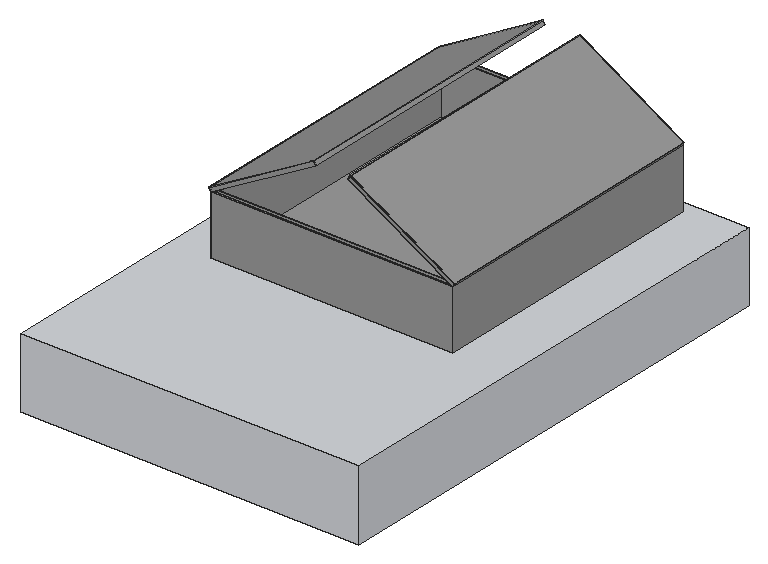
Revit family "Hager-Univers-IP55-D275-H1250-Cl.II-Steel_encl-FR-fr", category Equipement électrique, Revit 2020
Family settings
  Hôte = Face
  Configuration du panneau = Deux colonnes, circuits au sein
  Cote de connecteur circulaire = Utiliser le diamètre
  Type d'élément = Tableau de raccordement
  Couper avec des vides une fois chargée = Non
  Partagée = Non
  Point de calcul de pièce = Non
Parameters (values of type "saillie IP55 L1050 H1250 P275  - FR84S")
  Width Control [instance] = if([EF000008 - largeur] > Min Width, [EF000008 - largeur], Min Width)  # 1050 mm
  Commentaires du type = [HG000003 - Gamme]  # "Univers"
  Thickness Door [instance] = if([EF009171 - épaisseur de matériau de la porte/du couvercle] > 3 mm, 3 mm, [EF009171 - épaisseur de matériau de la porte/du couvercle])  # 1.5 mm
  Seal Frame Offset [instance] = 17 mm  # constant formula
  Plinth Visibility [instance] = [HG000027 - Hauteur du socle] > 0 mm  # no
  Model = ""
  Min Width [instance] = 100 mm  # constant formula
  Min Height [instance] = 100 mm  # constant formula
  Min Depth [instance] = (2 * [EF009170 - épaisseur de matériau du boîtier]) + 1 mm  # 4 mm
  Internal Frame Depth [instance] = (Door System Depth * 0.5)  # 9 mm
  Height Control [instance] = if([EF000040 - hauteur] > Min Height, [EF000040 - hauteur], Min Height)  # 1250 mm
  HG000027 - Hauteur du socle = 0 mm
  HG000026 - Installation au sol = no
  HG000024 - Hauteur de la section basse = 800 mm
  HG000023 - Armoire double section = no
  HG000016 - Visibilité de la porte 3D [instance] = yes
  HG000015 - Visibilité de l'emprise de la porte [instance] = no
  HG000014 - Porte à droite [instance] = yes
  HG000013 - Porte à gauche [instance] = not([HG000014 - Porte à droite])  # no
  HG000012 - Angle de pivotement de la porte [instance] = 30.00°
  HG000010 - Portes asymétriques = no
  HG000009 - Porte à double battant = yes
  HG000006 - Encastré = no
  HG000004 - Référence fabricant = "FR84S"
  HG000003 - Gamme = "Univers"
  HG000002 - avec porte = yes
  Frame Offset Bottom [instance] = 10 mm  # constant formula
  Frame Offset [instance] = 15 mm  # constant formula
  EF015940 - couvercle avec décharge de pression = no
  EF011959 - degré de protection (NEMA) = ""
  EF009554 - nombre d'ouvertures pour plaques à bride = 8
  Fabricant = "Hager"  # constant formula
  EF009212 - finition du couvercle = "EV000116 - fermé"
  EF009171 - épaisseur de matériau de la porte/du couvercle = 1.5 mm
  EF009170 - épaisseur de matériau du boîtier = 1.5 mm
  EF008873 - courant nominal (In) = 800 A
  EF007800 - adapté à un parafoudre = no
  EF006306 - avec serrure = no
  EF006244 - couvercle/porte transparent(e) = no
  EF005474 - indice de protection (IP) = "EV006420 - IP55"
  EF004464 - type de porte = "EV003602 - double"
  EF004427 - nombre de modules = 384
  EF004293 - indice de protection contre les chocs (IK) = "EV008784 - IK10"
  EF003532 - convient pour utilisation à l’extérieur = no
  EF002950 - largeur en nombre de modules = 24
  EF001613 - maintien de fonction = "EV000494 - sans"
  EF001596 - matériau du boîtier/corps = "EV000179 - acier"
  EF001131 - profondeur intérieure = 275 mm
  EF001088 - possibilité de montage en saillie = yes
  EF000437 - nombre d'entrées de conduit = 8
  EF000339 - type de capot = "EV004216 - porte"
  EF000266 - nombre de rangées = 8
  EF000218 - profondeur d'encastrement = 0 mm
  EF000118 - avec cadre/support de montage = no
  EF000116 - numéro RAL = "7035"
  EF000049 - profondeur = 275 mm
  EF000040 - hauteur = 1250 mm
  EF000008 - largeur = 1050 mm
  EF000007 - couleur = "EV000270 - gris"
  EF000003 - mode de pose = "EV000384 - saillie"
  Door System Leaf Tolerance [instance] = 1.5 mm  # constant formula
  Door System Depth [instance] = 18 mm  # constant formula
  Door Height [instance] = Height Control - [HG000027 - Hauteur du socle]  # 1250 mm
  Depth Control [instance] = if([EF000049 - profondeur] > Min Depth, [EF000049 - profondeur], Min Depth)  # 275 mm
  Default Elevation = 0 mm
  Connector Offset [instance] = Height Control / 2  # 625 mm
  Bottom Top Plate Trim [instance] = 1.5 mm  # constant formula
  Plinth height Ctrl [instance] = if([HG000027 - Hauteur du socle] > 0 mm, [HG000027 - Hauteur du socle], 12 mm)  # 12 mm
Reference planes
  plane 1 "Center (Front/Back)": y = 0
  plane 2: z = 0
  plane 3 "Center (Left/Right)": x = 0
  plane 4: z = 275
  plane 5: y = 1.5
  plane 6: y = 625
  plane 7: y = 0
  plane 8: y = 1250
  plane 9: z = 0
  plane 10: x = -510
  plane 11: x = 510
  plane 12: x = 508.5
  plane 13: x = -508.5
  plane 14: y = 1248.5
  plane 15: x = -508
  plane 16: x = -525
  plane 17: x = 508
  plane 18: x = 525
  plane 19: x = 523.5
  plane 20: x = -523.5
  plane 21: y = 11.5
  plane 22: y = 1250
  plane 23: y = 1233.5
  plane 24: z = 257
  plane 25: z = 1.5
  plane 26: z = 255.5
  plane 27: z = 273.5
Forms (mm)
  Extrusion 1, solid
    sketch origin (0, 0, 0) x (1, 0, 0) y (0, 1, 0)
      loop
        line (-702.964, 1305) -> (-702.964, -811.445) -> (766.763, -811.445) -> (766.763, 1305) -> (-702.964, 1305)
    from 0 to -304.8
  Extrusion 2, solid, material "Hager_Steel_RAL7035_Light_Grey", visible <- "Plinth Visibility", detail levels medium+fine
    sketch origin (0, 0, 0) x (1, 0, 0) y (0, 1, 0)
      loop
        line (-525, 0) -> (525, 0) -> (525, 12) -> (-525, 12) -> (-525, 0)
    from 0 to 257
  Extrusion 3, solid, material "Hager_Steel_RAL7035_Light_Grey", detail levels medium+fine
    sketch origin (0, 0, 0) x (1, 0, 0) y (0, 1, 0)
      loop
        line (-525, 0) -> (525, 0) -> (525, 1250) -> (-525, 1250) -> (-525, 0)
    from 0 to 257
  Extrusion 4, void
    sketch origin (0, 0, 0) x (1, 0, 0) y (0, 1, 0)
      loop
        line (-523.5, 1.5) -> (523.5, 1.5) -> (523.5, 1248.5) -> (-523.5, 1248.5) -> (-523.5, 1.5)
    from 1.5 to 255.5
  Extrusion 5, void
    sketch origin (-381.607, -4572, 257) x (0, -1, 0) y (-1, 0, 0)
      loop
        line (-4583.5, 126.893) -> (-5805.5, 126.893) -> (-5805.5, -890.107) -> (-4583.5, -890.107) -> (-4583.5, 126.893)
    from 0 to 1.5 <- "EF009170 - épaisseur de matériau du boîtier"
  Extrusion 6, solid, material "Hager_Steel_RAL7035_Light_Grey", detail levels fine
    sketch origin (0, 0, 257) x (1, 0, 0) y (0, 1, 0)
      loop
        line (-508.5, 1233.5) -> (-508.5, 11.5) -> (508.5, 11.5) -> (508.5, 1233.5) -> (-508.5, 1233.5)
      loop
        line (-510, 10) -> (510, 10) -> (510, 1235) -> (-510, 1235) -> (-510, 10)
    from 0 to 9 <- "Internal Frame Depth"
  Extrusion 7, solid, material "Hager_Steel_RAL7035_Light_Grey", detail levels coarse
    sketch origin (0, 0, 0) x (1, 0, 0) y (0, 1, 0)
      loop
        line (-525, 0) -> (525, 0) -> (525, 1250) -> (-525, 1250) -> (-525, 0)
    from 0 to 275
  Sweep 8, void
    path in 3D
      loop
        line (-525, 12, 0) -> (525, 12, 0) -> (525, 12, 257) -> (-525, 12, 257) -> (-525, 12, 0)
    profile origin (-525, 12, 128.5) x (-1, 0, 0) y (0, -1, 0)
      loop
        line (0, 0) -> (0, 1.5) -> (-1.5, 1.5)
        arc (-1.5, 1.5) -> (-1.061, 0.439) -> (0, 0) r 1.5
Cuts and joins
  Extrusion 4, Extrusion 5 cuts Extrusion 3
  Sweep 8 cuts Extrusion 2
Lines and regions (mm)
  Masking region 1
    outline origin (0, 0, 0) x (1, 0, 0) y (0, 0, 1)
      loop
        line (-525, 275) -> (-525, 0) -> (525, 0) -> (525, 275) -> (-525, 275)
  Masking region 2, detail levels medium+fine
    outline origin (0, 140, 0) x (0, 1, 0) y (0, 0, 1)
      loop
        line (-140, 0) -> (1110, 0) -> (1110, 257) -> (-140, 257) -> (-140, 0)
  Masking region 3, not visible, detail levels medium+fine
    outline origin (0, 297.922, 0) x (0, 1, 0) y (0, 0, 1)
      loop
        line (338.578, 0) -> (378.578, 0) -> (378.578, 263.5)
        arc (378.578, 263.5) -> (375.649, 270.571) -> (368.578, 273.5) r 10
        line (368.578, 273.5) -> (338.578, 273.5) -> (338.578, 0)
  Masking region 4, detail levels coarse
    outline origin (0, 0, 180) x (0, 1, 0) y (0, 0, 1)
      loop
        line (0, -180) -> (1250, -180) -> (1250, 95) -> (0, 95) -> (0, -180)
  Masking region 5, visible <- "Plinth Visibility", detail levels medium+fine
    outline origin (0, 52.24, 12.345) x (0, 0, -1) y (0, 1, 0)
      loop
        line (10.845, -40.24) -> (-243.155, -40.24)
        arc (-243.155, -40.24) -> (-243.594, -41.301) -> (-244.655, -41.74) r 1.5
        line (-244.655, -41.74) -> (-244.655, -52.24) -> (12.345, -52.24) -> (12.345, -41.74)
        arc (12.345, -41.74) -> (11.285, -41.301) -> (10.845, -40.24) r 1.5
  Masking region 6, detail levels medium+fine
    outline origin (-381.607, -4572, 257) x (-1, 0, 0) y (0, -1, 0)
      loop
        line (143.393, -5822) -> (143.393, -4572) -> (-906.607, -4572) -> (-906.607, -5822) -> (143.393, -5822)
  Masking region 7, visible <- "Plinth Visibility", detail levels medium+fine
    outline origin (-381.607, -4727, 257) x (-1, 0, 0) y (0, -1, 0)
      loop
        arc (141.893, -4739) -> (142.332, -4737.939) -> (143.393, -4737.5) r 1.5
        line (143.393, -4737.5) -> (143.393, -4727) -> (-906.607, -4727) -> (-906.607, -4737.5)
        arc (-906.607, -4737.5) -> (-905.546, -4737.939) -> (-905.107, -4739) r 1.5
        line (-905.107, -4739) -> (141.893, -4739)
  Masking region 8, detail levels coarse
    outline origin (-442.548, -4669.526, 257) x (-1, 0, 0) y (0, -1, 0)
      loop
        line (82.452, -5919.526) -> (82.452, -4669.526) -> (-967.548, -4669.526) -> (-967.548, -5919.526) -> (82.452, -5919.526)
  sketch lines
    curve 1: line (-525, 12, 257) -> (-525, 12, 0)
    curve 2: line (525, 12, 257) -> (-525, 12, 257)
    curve 3: line (525, 12, 257) -> (525, 12, 0)
    curve 4: line (-525, 12, 0) -> (525, 12, 0)
Dimensions and locks
  "Depth Control": plane 4 to Extrusion 1
  "HG000027 - Hauteur du socle": plane 1 "Center (Front/Back)" to plane 7
  "EF009170 - épaisseur de matériau du boîtier": plane 5 to plane 7
  locked: connector elem to plane 3 "Center (Left/Right)"
  equal spacing: plane 8, plane 6, plane 7
  locked: connector elem to plane 6
  "EF009170 - épaisseur de matériau du boîtier": plane 8 to plane 14
  "EF009170 - épaisseur de matériau du boîtier": plane 10 to plane 13
  "EF009170 - épaisseur de matériau du boîtier": plane 12 to plane 11
  "Frame Offset": plane 20 to plane 13
  "Frame Offset": plane 12 to plane 19
  "EF009170 - épaisseur de matériau du boîtier": plane 16 to plane 20
  "EF009170 - épaisseur de matériau du boîtier": plane 19 to plane 18
  "Seal Frame Offset": plane 16 to plane 15
  "Seal Frame Offset": plane 17 to plane 18
  "Frame Offset Bottom": plane 21 to plane 5
  "Frame Offset": plane 14 to plane 23
  equal spacing: plane 16, plane 3 "Center (Left/Right)", plane 18
  "Width Control": plane 16 to plane 18
  "EF009170 - épaisseur de matériau du boîtier": plane 4 to plane 27
  "EF009170 - épaisseur de matériau du boîtier": plane 24 to plane 26
  "EF009170 - épaisseur de matériau du boîtier": plane 25 to level
  "Door System Depth": plane 4 to plane 24
  "Height Control": plane 1 "Center (Front/Back)" to Extrusion 7 sketch curve
  "Height Control": Masking region 4 sketch curve to plane 1 "Center (Front/Back)"
  "Height Control": plane 1 "Center (Front/Back)" to plane 22
  "Bottom Top Plate Trim": profile plane to Sweep 8 sketch curve
  "Bottom Top Plate Trim": Sweep 8 sketch curve to profile plane
  "Plinth height Ctrl": plane 1 "Center (Front/Back)" to Extrusion 2 sketch curve
  "Plinth height Ctrl": Masking region 5 sketch curve to plane 1 "Center (Front/Back)"
  "Plinth height Ctrl": plane 1 "Center (Front/Back)" to Masking region 7 sketch curve
  "Thickness Door": Extrusion 6 sketch curve to Extrusion 6 sketch curve  (x3)
  "Thickness Door": cut or joined group of Extrusion 3, Extrusion 4, Extrusion 5 to Extrusion 6 sketch curve
  radius of Masking region 3 sketch curve = 10 mm
  "Bottom Top Plate Trim": radius of Masking region 5 sketch curve  (x2)
  "Bottom Top Plate Trim": radius of Sweep 8 sketch curve
  "Bottom Top Plate Trim": radius of Masking region 7 sketch curve  (x2)
  aligned and locked: plane 2 to Extrusion 1
  aligned and locked: level to Extrusion 1
  aligned and locked: level to Masking region 1 sketch curve
  aligned and locked: Masking region 1 sketch curve to plane 18
  aligned and locked: Masking region 1 sketch curve to plane 16
  aligned and locked: plane 7 to Masking region 2 sketch curve
  aligned and locked: level to Masking region 3 sketch curve
  aligned and locked: Masking region 3 sketch curve to plane 27
  aligned and locked: level to Masking region 2 sketch curve
  aligned and locked: plane 1 "Center (Front/Back)" to Extrusion 2 sketch curve
  aligned and locked: Extrusion 3 sketch curve to plane 7
  aligned and locked: plane 16 to Extrusion 3 sketch curve
  aligned and locked: plane 18 to Extrusion 3 sketch curve
  aligned and locked: plane 20 to Extrusion 4 sketch curve
  aligned and locked: plane 19 to Extrusion 4 sketch curve
  aligned and locked: Extrusion 4 sketch curve to plane 5
  aligned and locked: Extrusion 4 to plane 25
  aligned and locked: plane 26 to Extrusion 4
  aligned and locked: plane 24 to Extrusion 3
  aligned and locked: Extrusion 5 sketch curve to plane 21
  aligned and locked: Extrusion 5 sketch curve to plane 13
  aligned and locked: Extrusion 5 sketch curve to plane 12
  aligned and locked: plane 18 to Extrusion 7 sketch curve
  aligned and locked: plane 1 "Center (Front/Back)" to Extrusion 7 sketch curve
  aligned and locked: plane 16 to Extrusion 7 sketch curve
  aligned and locked: plane 4 to Extrusion 7
  aligned and locked: Extrusion 7 to level
  aligned and locked: level to Masking region 4 sketch curve
  aligned and locked: Masking region 4 sketch curve to plane 1 "Center (Front/Back)"
  aligned and locked: Masking region 4 sketch curve to plane 4
  aligned and locked: nested 1 to level
  aligned and locked: nested 1 to plane 16
  aligned and locked: Extrusion 3 sketch curve to plane 8
  aligned and locked: Extrusion 5 sketch curve to plane 23
  aligned and locked: Extrusion 4 sketch curve to plane 14
  aligned and locked: Masking region 2 sketch curve to plane 8
  aligned and locked: level to Masking region 5 sketch curve
  aligned and locked: plane 16 to Extrusion 2 sketch curve
  aligned and locked: plane 18 to Extrusion 2 sketch curve
  aligned and locked: Masking region 5 sketch curve to plane 24
  aligned and locked: Masking region 2 sketch curve to plane 24
  aligned and locked: plane 24 to Extrusion 2
  aligned and locked: profile plane to Sweep 8 sketch curve  (x2)
  aligned and locked: Masking region 6 sketch curve to plane 18
  aligned and locked: Masking region 6 sketch curve to plane 22
  aligned and locked: Masking region 6 sketch curve to plane 16
  aligned and locked: plane 8 to plane 22
  aligned and locked: Masking region 6 sketch curve to plane 7
  aligned and locked: Masking region 7 sketch curve to plane 16
  aligned and locked: Masking region 7 sketch curve to plane 1 "Center (Front/Back)"
  aligned and locked: Masking region 7 sketch curve to plane 18
  aligned and locked: Masking region 8 sketch curve to plane 1 "Center (Front/Back)"
  aligned and locked: Masking region 8 sketch curve to plane 18
  aligned and locked: Masking region 8 sketch curve to plane 22
  aligned and locked: Masking region 8 sketch curve to plane 16
  aligned and locked: nested 2 to plane 7
  aligned and locked: plane 3 "Center (Left/Right)" to nested 2
  aligned and locked: nested 2 to plane 24
  aligned and locked: Extrusion 6 sketch curve to cut or joined group of Extrusion 3, Extrusion 4, Extrusion 5  (x4)
Automatic sketch dimensions
  Extrusion 1 sketch curve to Extrusion 1 sketch curve = 1469.727 mm
  Extrusion 1 sketch curve to Extrusion 1 sketch curve = 2116.445 mm
  Masking region 1 sketch curve to plane 4 = 0 mm
  plane 6 to Masking region 3 sketch curve = 11.5 mm
  Masking region 3 sketch curve to Masking region 3 sketch curve = 30 mm
  Masking region 5 sketch curve to plane 1 "Center (Front/Back)" = 0 mm
Nested families
  nested 1: "Hager_Enclosure_Symbol" at (-525, 0, 0) x (1, 0, 0) z (0, -1, 0), Height <- "Depth Control", Width <- "Width Control", type "Hager_Enclosure_Symbol"
    with Width_Ctrl 1050 mm, Width 1050 mm, Height_Ctrl 275 mm, Height 275 mm, A_Width_Int 18.047 mm, A_Width 216.562 mm, A_Height_Ctrl 240.625 mm, A_Height 240.625 mm
  nested 2: "EC000058_Univers_Door" at (0, 0, 257) x (1, 0, 0) z (0, 1, 0), Leaf_Tolerance <- "Door System Leaf Tolerance", Angle <- "HG000012 - Angle de pivotement de la porte", Door_Depth <- "Door System Depth", Door_Left <- "HG000013 - Porte à gauche", Transparent <- "EF006244 - couvercle/porte transparent(e)", Assymetrical <- "HG000010 - Portes asymétriques", Width <- "Width Control", Clearance <- "HG000015 - Visibilité de l'emprise de la porte", Double <- "HG000009 - Porte à double battant", 3d_Door <- "HG000016 - Visibilité de la porte 3D", Lock_Visibility <- "EF006306 - avec serrure", Width_Ctrl <- "Width Control", Door_Right <- "HG000014 - Porte à droite", Door <- "HG000002 - avec porte", Height <- "Door Height", Thickness <- "Thickness Door", type "EC000058_Univers_Door", detail levels medium+fine
    with min_wh 4 mm, Width_Ctrl 1050 mm, Width 1050 mm, Transparent no, Thickness 1.5 mm, Seal_Material Hager_Rubber, Lock_Visibility no, Lock_Material Hager_Plastic_RAL9005_Jet_Black, Leaf_Width 1050 mm, Leaf_Tolerance_External_Sides 0 mm, Leaf_Tolerance 1.5 mm, Leaf_Offset 0 mm, Leaf_Height 1247 mm, Leaf_2_Width 523.5 mm, Leaf_2_Offset 262.5 mm, Leaf_1_Width 523.5 mm, Leaf_1_Offset 262.5 mm, Height_Ctrl 1250 mm, Height 1250 mm, Glass_Material Hager_Glass, Double_Clearance_Ctrl no, Double yes, Door_Right_Ctrl yes, Door_Right yes, Door_Material Hager_Steel_RAL7035_Light_Grey, Door_Left_Ctrl yes, Door_Left no, Door_Depth 18 mm, Door yes, Clearance_Material Hager_Clearance, Clearance_Depth 523.5 mm, Clearance_Ctrl no, Clearance no, Assymetrical no, Angle 30.00°, 3d_Door yes
Connectors
  electrical at (0, 625, 0)
    settings: on plane 9, index 1, voltage 0 V, apparent load 0 VA, apparent load phase1 0 VA, apparent load phase2 0 VA, apparent load phase3 0 VA, power factor 1, load classification "Other", number of poles 1, system type 30, power factor state 1, is connector primary yes, connector utility no, sub classification motor no, connector description ""
Definition of nested family "EC000058_Univers_Door"
  Parameters (values of type "EC000058_Univers_Door")
    min_wh [instance] = (2 * Thickness) + 1 mm  # 11 mm
    Width_Ctrl [instance] = 400 mm
    Width [instance] = 500 mm
    Transparent [instance] = yes
    Thickness [instance] = 5 mm
    Seal_Material [instance] = none
    Lock_Visibility [instance] = yes
    Lock_Material [instance] = none
    Leaf_Width [instance] = if((Width_Ctrl - 2 * Leaf_Tolerance_External_Sides) > 0 mm, (Width_Ctrl - 2 * Leaf_Tolerance_External_Sides), min_wh)  # 400 mm
    Leaf_Tolerance_External_Sides [instance] = 0 mm  # constant formula
    Leaf_Tolerance [instance] = 1.5 mm
    Leaf_Offset [instance] = 0 mm  # constant formula
    Leaf_Height [instance] = if((Height_Ctrl - 2 * Leaf_Tolerance) > 0 mm, (Height_Ctrl - 2 * Leaf_Tolerance), min_wh)  # 497 mm
    Leaf_2_Width [instance] = if(and(and(Double, Assymetrical), Door_Left), (Leaf_Width / 3) - (Leaf_Tolerance / 2), if(and(and(Double, Assymetrical), Door_Right), (Leaf_Width / 3) * 2 - (Leaf_Tolerance / 2), if(and(Double, not(Assymetrical)), (Leaf_Width / 2) - Leaf_Tolerance, Leaf_Width)))  # 400 mm
    Leaf_2_Offset [instance] = if(and(Double, Assymetrical), Leaf_2_Width / 2, if(and(Double, not(Assymetrical)), Leaf_Width / 4, Leaf_Width / 2))  # 200 mm
    Leaf_1_Width [instance] = if(and(and(Double, Assymetrical), Door_Right), (Leaf_Width / 3) - (Leaf_Tolerance / 2), if(and(and(Double, Assymetrical), Door_Left), (Width / 3) * 2 - (Leaf_Tolerance / 2), if(and(Double, not(Assymetrical)), (Leaf_Width / 2) - Leaf_Tolerance, Leaf_Width)))  # 400 mm
    Leaf_1_Offset [instance] = if(and(Double, Assymetrical), Leaf_1_Width / 2, if(and(Double, not(Assymetrical)), Leaf_Width / 4, Leaf_Width / 2))  # 200 mm
    Height_Ctrl [instance] = if(Height > min_wh, Height, min_wh)  # 500 mm
    Height [instance] = 500 mm
    Glass_Material [instance] = none
    Double_Clearance_Ctrl [instance] = and(Double, Clearance)  # no
    Double [instance] = no
    Door_Right_Ctrl [instance] = and(or(Door_Right, Double), Door)  # yes
    Door_Right [instance] = yes
    Door_Material [instance] = none
    Door_Left_Ctrl [instance] = and(or(Door_Left, Double), Door)  # no
    Door_Left [instance] = no
    Door_Depth [instance] = 30 mm
    Door [instance] = yes
    Default Elevation = 1219.2 mm
    Clearance_Material [instance] = none
    Clearance_Depth [instance] = if(Leaf_1_Width > Leaf_2_Width, Leaf_1_Width, Leaf_2_Width)  # 400 mm
    Clearance_Ctrl [instance] = and(not(Double), Clearance)  # yes
    Clearance [instance] = yes
    Assymetrical [instance] = yes
    Angle [instance] = 30.00°
    3d_Door [instance] = yes
  Reference planes
    plane 1 "Center (Front/Back)": y = 0
    plane 2 "Bottom": z = 0
    plane 3 "Center (Left/Right)": x = 0
    plane 4: z = 500
    plane 5: x = -200
    plane 6: x = 200
    plane 7: z = 500
    plane 8: x = -200
    plane 9: z = 0
    plane 10: x = 200
    plane 11: y = 0
    plane 12: z = 1.5
    plane 13: x = -600
    plane 14: y = -400
    plane 15: x = 600
    plane 16: x = 0
    plane 17: x = 0
    plane 18: x = -200
    plane 19: x = 200
    plane 20: z = 498.5
  Forms (mm)
    Extrusion 1, solid, material <- "Clearance_Material", visible <- "Double_Clearance_Ctrl"
      sketch origin (1200, 0, 0) x (1, 0, 0) y (0, 0, -1)
        loop
          line (-1800, -498.5) -> (-600, -498.5) -> (-600, 0) -> (-1800, 0) -> (-1800, -498.5)
      from 0 to -400
  Dimensions and locks
    equal spacing: plane 5, plane 3 "Center (Left/Right)", plane 6
    "Width_Ctrl": plane 5 to plane 6
    "Leaf_Offset": plane 5 to plane 8
    "Leaf_Offset": plane 6 to plane 10
    "Leaf_Offset": plane 9 to level
    "Leaf_Offset": plane 4 to plane 7
    "Height_Ctrl": plane 4 to level
    "Leaf_Tolerance": plane 12 to plane 9
    locked: plane 11 to plane 1 "Center (Front/Back)"
    "Leaf_1_Offset": plane 18 to plane 16
    "Leaf_2_Offset": plane 17 to plane 19
    "Leaf_1_Width": plane 13 to plane 8
    "Leaf_2_Width": plane 10 to plane 15
    "Clearance_Depth": plane 14 to plane 1 "Center (Front/Back)"
    "Leaf_Tolerance_External_Sides": plane 8 to plane 18
    "Leaf_Tolerance_External_Sides": plane 19 to plane 10
    "Leaf_Tolerance": plane 7 to plane 20
    aligned and locked: level to plane 2 "Bottom"
    aligned and locked: nested 1 to plane 16
    aligned and locked: nested 2 to plane 17
    aligned and locked: Extrusion 1 to plane 13
    aligned and locked: plane 15 to Extrusion 1
    aligned and locked: Extrusion 1 to plane 14
    aligned and locked: plane 12 to nested 1
    aligned and locked: nested 2 to plane 12
    aligned and locked: Extrusion 1 to plane 11
    aligned and locked: plane 20 to Extrusion 1
    aligned and locked: nested 2 to plane 11
    aligned and locked: nested 1 to plane 11
  Automatic sketch dimensions
    Extrusion 1 sketch curve to level = 0 mm
    plane 5 to Extrusion 1 sketch curve = 400 mm
    plane 6 to Extrusion 1 sketch curve = 400 mm
    Extrusion 1 sketch curve to plane 4 = 1.5 mm
  Nested families
    nested 1: "EC000058_Univers_Door_Leaf" at (0, 0, 1.5), Width <- "Leaf_1_Width", visible <- "Door_Left_Ctrl", Leaf_Height <- "Leaf_Height", Angle <- "Angle", 3d_Door <- "3d_Door", Transparent <- "Transparent", Clearance Material <- "Clearance_Material", Clearance <- "Clearance_Ctrl", Door_Material <- "Door_Material", Glass_Material <- "Glass_Material", Door_Depth <- "Door_Depth", Lock_Material <- "Lock_Material", Seal_Material <- "Seal_Material", Lock_Visibility <- "Lock_Visibility", Thickness <- "Thickness", type "EC000058_Univers_Door_Leaf"
      with Width 400 mm, Transparent_Glass_Offset 30 mm, Transparent_Ctrl yes, Transparent yes, Thickness 5 mm, Standard no, Seal_Material none, Seal_D2 8 mm, Seal_D1 1 mm, Offset_Internal_Frame 10 mm, Lock_Width 20 mm, Lock_Visibility_3d yes, Lock_Visibility yes, Lock_Thickness_3 3 mm, Lock_Thickness_2 1 mm, Lock_Thickness_1 3 mm, Lock_Radius_Offset_2 16 mm, Lock_Radius_Offset_1 15 mm, Lock_Radius_2 5 mm, Lock_Radius 6 mm, Lock_Offset 5 mm, Lock_Material none, Lock_Height 80 mm, Lock_Cover_Top_Offset_2d 17 mm, Lock_Cover_Height -65 mm, Leaf_Height 497 mm, Internal_Seal_Thickness 8 mm, Internal_Seal_Depth_2 4.5 mm, Internal_Frame_Depth 25 mm, Glass_Thickness -1 mm, Glass_Offset -2 mm, Glass_Material none, Door_Material none, Door_Depth 30 mm, Clearance Material none, Clearance yes, Angle_Ctrl 30.00°, Angle 30.00°, 3d_Door yes
    nested 2: "EC000058_Univers_Door_Leaf" at (0, 0, 1.5) x (-1, 0, 0) z (0, 0, 1), Width <- "Leaf_2_Width", visible <- "Door_Right_Ctrl", Leaf_Height <- "Leaf_Height", Angle <- "Angle", 3d_Door <- "3d_Door", Transparent <- "Transparent", Clearance Material <- "Clearance_Material", Clearance <- "Clearance_Ctrl", Door_Material <- "Door_Material", Glass_Material <- "Glass_Material", Door_Depth <- "Door_Depth", Lock_Material <- "Lock_Material", Seal_Material <- "Seal_Material", Lock_Visibility <- "Lock_Visibility", Thickness <- "Thickness", type "EC000058_Univers_Door_Leaf"
      with Width 400 mm, Transparent_Glass_Offset 30 mm, Transparent_Ctrl yes, Transparent yes, Thickness 5 mm, Standard no, Seal_Material none, Seal_D2 8 mm, Seal_D1 1 mm, Offset_Internal_Frame 10 mm, Lock_Width 20 mm, Lock_Visibility_3d yes, Lock_Visibility yes, Lock_Thickness_3 3 mm, Lock_Thickness_2 1 mm, Lock_Thickness_1 3 mm, Lock_Radius_Offset_2 16 mm, Lock_Radius_Offset_1 15 mm, Lock_Radius_2 5 mm, Lock_Radius 6 mm, Lock_Offset 5 mm, Lock_Material none, Lock_Height 80 mm, Lock_Cover_Top_Offset_2d 17 mm, Lock_Cover_Height -65 mm, Leaf_Height 497 mm, Internal_Seal_Thickness 8 mm, Internal_Seal_Depth_2 4.5 mm, Internal_Frame_Depth 25 mm, Glass_Thickness -1 mm, Glass_Offset -2 mm, Glass_Material none, Door_Material none, Door_Depth 30 mm, Clearance Material none, Clearance yes, Angle_Ctrl 30.00°, Angle 30.00°, 3d_Door yes
  Definition of nested family "EC000058_Univers_Door_Leaf"
    Parameters (values of type "EC000058_Univers_Door_Leaf")
      Width [instance] = 2000 mm
      Transparent_Glass_Offset [instance] = 30 mm
      Transparent_Ctrl [instance] = and(Transparent, [3d_Door])  # yes
      Transparent [instance] = yes
      Thickness [instance] = 5 mm
      Standard [instance] = and(not(Transparent), [3d_Door])  # no
      Seal_Material [instance] = none
      Seal_D2 [instance] = 8 mm  # constant formula
      Seal_D1 [instance] = 1 mm  # constant formula
      Offset_Internal_Frame [instance] = 10 mm  # constant formula
      Lock_Width [instance] = 20 mm  # constant formula
      Lock_Visibility_3d [instance] = and(Lock_Visibility, [3d_Door])  # yes
      Lock_Visibility [instance] = yes
      Lock_Thickness_3 [instance] = 3 mm  # constant formula
      Lock_Thickness_2 [instance] = 1 mm  # constant formula
      Lock_Thickness_1 [instance] = 3 mm  # constant formula
      Lock_Radius_Offset_2 [instance] = Lock_Radius_Offset_1 + 1 mm  # 16 mm
      Lock_Radius_Offset_1 [instance] = 15 mm  # constant formula
      Lock_Radius_2 [instance] = Lock_Radius - 1 mm  # 5 mm
      Lock_Radius [instance] = 6 mm  # constant formula
      Lock_Offset [instance] = 5 mm  # constant formula
      Lock_Material [instance] = none
      Lock_Height [instance] = 80 mm  # constant formula
      Lock_Cover_Top_Offset_2d [instance] = Lock_Radius_Offset_2 + 1 mm  # 17 mm
      Lock_Cover_Height [instance] = -(Lock_Height - Lock_Radius_Offset_1)  # -65 mm
      Leaf_Height [instance] = 2720.336 mm
      Internal_Seal_Thickness [instance] = 8 mm  # constant formula
      Internal_Seal_Depth_2 [instance] = 4.5 mm  # constant formula
      Internal_Frame_Depth [instance] = if(Door_Depth - Thickness > 5 mm, Door_Depth - Thickness, 5 mm)  # 25 mm
      Glass_Thickness [instance] = if(Thickness > 15 mm, Glass_Offset + 10 mm, -1 mm)  # -1 mm
      Glass_Offset [instance] = if(Thickness > 15 mm, -(Thickness + 10 mm) / 2, -2 mm)  # -2 mm
      Glass_Material [instance] = none
      Door_Material [instance] = none
      Door_Depth [instance] = 30 mm
      Default Elevation = 0 mm
      Clearance Material [instance] = none
      Clearance [instance] = yes
      Angle_Ctrl [instance] = if(Angle > 180.00°, 180.00°, Angle)  # 90.00°
      Angle [instance] = 90.00°
      3d_Door [instance] = yes
    Reference planes
      plane 1 "Center (Front/Back)": y = 0
      plane 2: z = 0
      plane 3 "Center (Left/Right)": x = 0
      plane 4: y = 2000
      plane 5: x = -1000
      plane 6: x = 1000
      plane 7: x = -3000
      plane 8: z = 2720.336
      plane 9: z = 30
      plane 10: z = 2690.336
      plane 11: x = 970
      plane 12: x = -970
      plane 13: y = -3
      plane 14: z = 107.833
      plane 15: y = -5
      plane 16: y = -223.314
      plane 17: x = -1000
      plane 18: z = 1360.168
      plane 19: y = 30
    Forms (mm)
      Extrusion 1, solid, material <- "Clearance Material", visible <- "Clearance"
        sketch origin (0, 0, 0) x (1, 0, 0) y (0, 0, 1)
          loop
            line (-3000, 2720.336) -> (-3000, 0) -> (1000, 0) -> (1000, 2720.336) -> (-3000, 2720.336)
        from 0 to -2000
      Extrusion 2, solid, material <- "Door_Material", visible <- "Standard", detail levels medium+fine
        sketch origin (-1000, 0, 0) x (0, 1, 0) y (-1, 0, 0)
          loop
            line (0, 30) -> (0, 25) -> (2000, 25) -> (2000, 30) -> (0, 30)
        from 0 to 2720.336 <- "Leaf_Height"
      Extrusion 3, solid, material <- "Door_Material", visible <- "Transparent_Ctrl", detail levels medium+fine
        sketch origin (-1000, 0, 0) x (0, 1, 0) y (-1, 0, 0)
          loop
            line (0, 25) -> (2000, 25) -> (2000, 30) -> (0, 30) -> (0, 25)
        from 0 to 2720.336 <- "Leaf_Height"
      Extrusion 4, void
        sketch origin (-1025, 2000, 0) x (0, 1, 0) y (0, 0, -1)
          loop
            line (-30, -2690.336) -> (-30, -30) -> (-1970, -30) -> (-1970, -2690.336) -> (-30, -2690.336)
        from 0 to 5 <- "Thickness"
      Sweep 5, solid, material <- "Seal_Material", visible <- "Transparent_Ctrl", detail levels fine
        path in 3D
          loop
            line (-1025, 30, 30) -> (-1025, 30, 2690.336) -> (-1025, 1970, 2690.336) -> (-1025, 1970, 30) -> (-1025, 30, 30)
        profile origin (-1025, 1000, 30) x (1, 0, 0) y (0, 0, 1)
          loop
            line (0, 0) -> (0, -8) -> (1, -8) -> (1, 0) -> (0, 0)
      Extrusion 6, solid, material <- "Glass_Material", visible <- "Transparent_Ctrl", detail levels medium+fine
        sketch origin (-1030, 0, 0) x (0, 1, 0) y (0, 0, -1)
          loop
            line (1970, -2690.336) -> (1970, -30) -> (30, -30) -> (30, -2690.336) -> (1970, -2690.336)
        from -2 <- "Glass_Offset" to -1 <- "Glass_Thickness"
      Extrusion 7, solid, material <- "Door_Material", visible <- "3d_Door", detail levels medium+fine
        sketch origin (-1025, 2000, 0) x (0, -1, 0) y (0, 0, -1)
          loop
            line (0, -2720.336) -> (2000, -2720.336) -> (2000, 0) -> (0, 0) -> (0, -2720.336)
          loop
            line (1995, -5) -> (5, -5) -> (5, -2715.336) -> (1995, -2715.336) -> (1995, -5)
        from 0 to 25 <- "Internal_Frame_Depth"
      Sweep 8, solid, material <- "Seal_Material", visible <- "Transparent_Ctrl", detail levels fine
        path in 3D
          loop
            line (-1025, 0, 0) -> (-1025, 2000, 0) -> (-1025, 2000, 2720.336) -> (-1025, 0, 2720.336) -> (-1025, 0, 0)
        profile origin (-1025, 0, 1360.168) x (1, 0, 0) y (0, 1, 0)
          loop
            line (0, 10) -> (2.975, 10)
            arc (2.975, 10) -> (4.053, 10.447) -> (4.5, 11.525) r 1.525
            line (4.5, 11.525) -> (4.5, 16.527)
            arc (4.5, 16.527) -> (4.069, 17.569) -> (3.027, 18) r 1.473
            line (3.027, 18) -> (0, 18) -> (0, 10)
      Extrusion 9, solid, material <- "Lock_Material", visible <- "Lock_Visibility_3d", detail levels fine
        sketch origin (-1030, 0, 0) x (0, 1, 0) y (0, 0, -1)
          loop
            arc (1993.5, -1400.168) -> (1994.561, -1399.729) -> (1995, -1398.668) r 1.5
            line (1995, -1398.668) -> (1995, -1320.168) -> (1975, -1320.168) -> (1975, -1398.668)
            arc (1975, -1398.668) -> (1975.439, -1399.729) -> (1976.5, -1400.168) r 1.5
            line (1976.5, -1400.168) -> (1993.5, -1400.168)
        from 3 <- "Lock_Thickness_1" to 0
      Blend 10, solid, material <- "Lock_Material", visible <- "Lock_Visibility_3d", detail levels fine
        base sketch origin (-1033, 0, 0) x (0, 1, 0) y (0, 0, -1)
          loop
            line (1975, -1320.168) -> (1975, -1398.668)
            arc (1975, -1398.668) -> (1975.439, -1399.729) -> (1976.5, -1400.168) r 1.5
            line (1976.5, -1400.168) -> (1993.5, -1400.168)
            arc (1993.5, -1400.168) -> (1994.561, -1399.729) -> (1995, -1398.668) r 1.5
            line (1995, -1398.668) -> (1995, -1320.168) -> (1975, -1320.168)
        top sketch origin (-1033, 0, 0) x (0, 1, 0) y (0, 0, -1)
          loop
            line (1976, -1320.168) -> (1976, -1398.668)
            arc (1976, -1398.668) -> (1976.146, -1399.022) -> (1976.5, -1399.168) r 0.5
            line (1976.5, -1399.168) -> (1993.5, -1399.168)
            arc (1993.5, -1399.168) -> (1993.854, -1399.022) -> (1994, -1398.668) r 0.5
            line (1994, -1398.668) -> (1994, -1320.168) -> (1976, -1320.168)
        from 0 to 1 <- "Lock_Thickness_2"
      Blend 11, solid, material <- "Lock_Material", visible <- "Lock_Visibility_3d", detail levels fine
        base sketch origin (-1034, 0, 0) x (0, 1, 0) y (0, 0, -1)
          loop
            line (1978, -1320.168) -> (1978, -1384.168)
            arc (1978, -1384.168) -> (1985, -1391.168) -> (1992, -1384.168) r 7
            line (1992, -1384.168) -> (1992, -1320.168) -> (1978, -1320.168)
        top sketch origin (-1034, 0, 0) x (0, 1, 0) y (0, 0, -1)
          loop
            line (1991, -1320.168) -> (1979, -1320.168) -> (1979, -1383.168)
            arc (1979, -1383.168) -> (1985, -1389.168) -> (1991, -1383.168) r 6
            line (1991, -1383.168) -> (1991, -1320.168)
        from 0 to 3 <- "Lock_Thickness_3"
      Extrusion 12, solid, material <- "Lock_Material", visible <- "Lock_Visibility_3d", detail levels fine
        sketch origin (-1030, 1975, 1320.168) x (1, 0, 0) y (0, -1, 0)
          loop
            line (-7, -19) -> (-7, -1) -> (0, -1) -> (0, 0) -> (-8, 0) -> (-8, -20) -> (0, -20) -> (0, -19) -> (-7, -19)
        from 0 to -65 <- "Lock_Cover_Height"
      Extrusion 13, void
        sketch origin (-1038, 1995, 1320.168) x (-1, 0, 0) y (0, 0, -1)
          loop
            line (-5, -65) -> (0, -65) -> (-5, -60) -> (-5, -65)
        from 0 to 20 <- "Lock_Width"
      Extrusion 14, void
        sketch origin (-1038, 1975, 1320.168) x (0, -1, 0) y (0, 0, -1)
          loop
            circle (-10, -15.995) r 6
          loop
            circle (-10, -15.995) r 5
        from 0 to 2
      Extrusion 15, solid, material <- "Lock_Material", visible <- "Lock_Visibility_3d", detail levels medium
        sketch origin (-1030, 0, 0) x (0, 1, 0) y (0, 0, -1)
          loop
            arc (1993.5, -1400.168) -> (1994.561, -1399.729) -> (1995, -1398.668) r 1.5
            line (1995, -1398.668) -> (1995, -1320.168) -> (1975, -1320.168) -> (1975, -1398.668)
            arc (1975, -1398.668) -> (1975.439, -1399.729) -> (1976.5, -1400.168) r 1.5
            line (1976.5, -1400.168) -> (1993.5, -1400.168)
        from 8 to 0
    Cuts and joins
      Extrusion 4 cuts Extrusion 3
      Extrusion 13, Extrusion 14 cuts Extrusion 9
      Extrusion 14 cuts Blend 11
      Extrusion 13, Extrusion 14 cuts Extrusion 12
      joined: Extrusion 9, Blend 10, Blend 11, Extrusion 12
      Extrusion 14 cuts Extrusion 15
    Lines and regions (mm)
      Masking region 1, visible <- "Lock_Visibility", detail levels fine
        outline origin (0, 0, 0) x (0, 1, 0) y (0, 0, 1)
          loop
            line (30, 1320.168) -> (33, 1320.168) -> (33, 1400.168) -> (30, 1400.168) -> (30, 1320.168)
      Masking region 2, visible <- "Lock_Visibility", detail levels fine
        outline origin (0, 3.143, 0) x (0, 1, 0) y (0, 0, 1)
          loop
            line (29.857, 1354.168) -> (30.857, 1354.168) -> (30.857, 1366.168) -> (29.857, 1366.168) -> (29.857, 1354.168)
      Masking region 3, detail levels medium+fine
        outline origin (0, 0, 0) x (0, 1, 0) y (0, 0, 1)
          loop
            line (0, 0) -> (30, 0) -> (30, 2720.336) -> (0, 2720.336) -> (0, 0)
      Masking region 4, detail levels medium+fine
        outline origin (0, 0, 0) x (1, 0, 0) y (0, 0, 1)
          loop
            line (-1000, 2720.336) -> (-1000, 0) -> (1000, 0) -> (1000, 2720.336) -> (-1000, 2720.336)
      Masking region 5, visible <- "Lock_Visibility", detail levels fine
        outline origin (-47.116, 0, 0) x (1, 0, 0) y (0, 0, 1)
          loop
            arc (1024.616, 1399.168) -> (1023.556, 1398.729) -> (1023.116, 1397.668) r 1.5
            line (1023.116, 1397.668) -> (1023.116, 1320.168) -> (1041.116, 1320.168) -> (1041.116, 1397.668)
            arc (1041.116, 1397.668) -> (1040.677, 1398.729) -> (1039.616, 1399.168) r 1.5
            line (1039.616, 1399.168) -> (1024.616, 1399.168)
      Masking region 6, visible <- "Lock_Visibility", detail levels medium+fine
        outline origin (-25, 0, 0) x (1, 0, 0) y (0, 0, 1)
          loop
            arc (1001.5, 1400.168) -> (1000.439, 1399.729) -> (1000, 1398.668) r 1.5
            line (1000, 1398.668) -> (1000, 1320.168) -> (1020, 1320.168) -> (1020, 1398.668)
            arc (1020, 1398.668) -> (1019.561, 1399.729) -> (1018.5, 1400.168) r 1.5
            line (1018.5, 1400.168) -> (1001.5, 1400.168)
      Masking region 7, visible <- "Lock_Visibility", detail levels fine
        outline origin (-73.735, 0, 0) x (1, 0, 0) y (0, 0, 1)
          loop
            line (1051.735, 1382.168) -> (1065.735, 1382.168) -> (1065.735, 1384.168)
            arc (1065.735, 1384.168) -> (1058.735, 1391.168) -> (1051.735, 1384.168) r 7
            line (1051.735, 1384.168) -> (1051.735, 1382.168)
      Masking region 8, visible <- "Lock_Visibility", detail levels fine
        outline origin (-73.735, 0, 0) x (1, 0, 0) y (0, 0, 1)
          loop
            line (1052.735, 1382.168) -> (1064.735, 1382.168) -> (1064.735, 1383.168)
            arc (1064.735, 1383.168) -> (1058.735, 1389.168) -> (1052.735, 1383.168) r 6
            line (1052.735, 1383.168) -> (1052.735, 1382.168)
      Masking region 9, visible <- "Lock_Visibility", detail levels fine
        outline origin (-25, 0, 0) x (1, 0, 0) y (0, 0, 1)
          loop
            line (1020, 1320.168) -> (1020, 1382.168) -> (1000, 1382.168) -> (1000, 1320.168) -> (1020, 1320.168)
      Masking region 10, detail levels medium+fine
        outline origin (0, 0, 0) x (1, 0, 0) y (0, 0, 1)
          loop
            circle (985, 1335.144) r 6
      Masking region 11, detail levels fine
        outline origin (0, 0, 0) x (1, 0, 0) y (0, 0, 1)
          loop
            circle (985, 1335.144) r 5
      Masking region 12, visible <- "Lock_Visibility", detail levels fine
        outline origin (0, 12.767, 0) x (0, 1, 0) y (0, 0, 1)
          loop
            line (20.233, 1320.168) -> (21.233, 1320.168) -> (21.233, 1399.168) -> (20.233, 1400.168) -> (20.233, 1320.168)
      Masking region 13, visible <- "Lock_Visibility", detail levels fine
        outline origin (0, 13.767, -10) x (0, 1, 0) y (0, 0, 1)
          loop
            line (20.233, 1330.168) -> (23.233, 1330.168) -> (23.233, 1399.168) -> (20.233, 1402.168) -> (20.233, 1330.168)
      Masking region 14, visible <- "Lock_Visibility", detail levels fine
        outline origin (0, 12.767, -10) x (0, 1, 0) y (0, 0, 1)
          loop
            line (20.233, 1330.168) -> (25.233, 1330.168) -> (25.233, 1399.305) -> (20.233, 1394.305) -> (20.233, 1330.168)
      Masking region 15, visible <- "Lock_Visibility", detail levels medium
        outline origin (0, 0, 0) x (0, 1, 0) y (0, 0, 1)
          loop
            line (30, 1320.168) -> (38, 1320.168) -> (38, 1400.168) -> (30, 1400.168) -> (30, 1320.168)
      Masking region 16, visible <- "Lock_Visibility", detail levels fine
        outline origin (-1000, 0, 0) x (0, 1, 0) y (-1, 0, 0)
          loop
            line (1975, 30) -> (1995, 30) -> (1995, 38) -> (1975, 38) -> (1975, 30)
          loop
            line (1979, 37) -> (1976, 37) -> (1976, 34) -> (1978, 34) -> (1979, 37)
          loop
            line (1994, 37) -> (1991, 37) -> (1992, 34) -> (1994, 34) -> (1994, 37)
      Masking region 17, visible <- "Lock_Visibility", detail levels medium
        outline origin (-1000, 0, 0) x (0, 1, 0) y (-1, 0, 0)
          loop
            line (1975, 30) -> (1995, 30) -> (1995, 38) -> (1975, 38) -> (1975, 30)
      symbolic lines
        curve 1: line (1000, 0, 0) -> (-3000, 0, 0)
        curve 2: arc (1000, 0, 0) -> (-1000, 2000, 0) -> (-3000, 0, 0) r 2000
        curve 4: line (-1030, 0, 0) -> (-1030, 2000, 0)
      reference lines
        curve 3: line (-1000, 0, 0) -> (-1000, 2000, 0)
      symbolic lines, detail levels medium+fine
        curve 5: line (-1030, 2000, 0) -> (-1025, 2000, 0)
        curve 7: line (-1025, 0, 0) -> (-1030, 0, 0)
        curve 8: line (-1025, 0, 0) -> (-1000, 0, 0)
        curve 9: line (-1000, 0, 0) -> (-1000, 2000, 0)
        curve 10: line (-1000, 2000, 0) -> (-1025, 2000, 0)
      symbolic lines, detail levels fine
        curve 6: line (-1025, 2000, 0) -> (-1025, 0, 0)
      sketch lines
        curve 11: line (-1025, 0, 2720.336) -> (-1025, 0, 0)
        curve 12: line (-1025, 2000, 0) -> (-1025, 0, 0)
        curve 13: line (-1025, 2000, 2720.336) -> (-1025, 2000, 0)
        curve 14: line (-1025, 0, 2720.336) -> (-1025, 2000, 2720.336)
        curve 15: line (-1025, 1970, 30) -> (-1025, 30, 30)
        curve 16: line (-1025, 30, 30) -> (-1025, 30, 2690.336)
        curve 17: line (-1025, 1970, 2690.336) -> (-1025, 1970, 30)
        curve 18: line (-1025, 30, 2690.336) -> (-1025, 1970, 2690.336)
      symbolic lines, visible <- "Transparent", detail levels medium+fine
        curve 19: line (-970, 0, 2690.336) -> (970, 0, 2690.336)
        curve 20: line (-970, 0, 30) -> (-970, 0, 2690.336)
        curve 21: line (970, 0, 30) -> (-970, 0, 30)
        curve 22: line (970, 0, 2690.336) -> (970, 0, 30)
    Dimensions and locks
      "Width": plane 1 "Center (Front/Back)" to plane 4
      equal spacing: plane 5, plane 3 "Center (Left/Right)", plane 6
      "Width": plane 5 to plane 6
      "Width": plane 7 to plane 5
      "Leaf_Height": plane 8 to level
      "Width": curve 5 to curve 3
      "Width": curve 3 to curve 3
      plane 8 to plane 10 = 30 mm
      plane 9 to level = 30 mm
      plane 12 to plane 5 = 30 mm
      plane 6 to plane 11 = 30 mm
      Extrusion 1 to Extrusion 4 sketch curve = 30 mm
      "Transparent_Glass_Offset": curve 3 to Extrusion 4 sketch curve
      "Transparent_Glass_Offset": Extrusion 4 sketch curve to cut or joined group of Extrusion 3, Extrusion 4  (x2)
      cut or joined group of Extrusion 3, Extrusion 4 to Extrusion 6 sketch curve = 30 mm
      "Transparent_Glass_Offset": cut or joined group of Extrusion 3, Extrusion 4 to Extrusion 4 sketch curve
      "Thickness": curve 6 to curve 4
      "Thickness": Extrusion 7 sketch curve to Extrusion 7 sketch curve  (x4)
      "Door_Depth": curve 4 to curve 3
      "Offset_Internal_Frame": profile plane to Sweep 8 sketch curve
      "Internal_Seal_Thickness": Sweep 8 sketch curve to Sweep 8 sketch curve
      "Internal_Seal_Depth_2": profile plane to Sweep 8 sketch curve
      "Seal_D1": profile plane to Sweep 5 sketch curve
      "Seal_D2": profile plane to Sweep 5 sketch curve
      "Thickness": Extrusion 2 sketch curve to Extrusion 2 sketch curve
      equal spacing: Extrusion 9 sketch curve, plane 18, Extrusion 9 sketch curve  (x2)
      equal spacing: Masking region 1 sketch curve, plane 18, Masking region 1 sketch curve
      "Lock_Height": Masking region 1 sketch curve to Masking region 1 sketch curve
      "Lock_Radius": Masking region 2 sketch curve to plane 18 to Masking region 2 sketch curve
      Masking region 2 sketch curve to Masking region 1 = 1 mm
      "Door_Depth": plane 19 to plane 1 "Center (Front/Back)"
      "Lock_Thickness_1": Masking region 1 sketch curve to plane 19
      "Lock_Width": Extrusion 9 sketch curve to Extrusion 9 sketch curve
      "Lock_Height": Extrusion 9 sketch curve to Extrusion 9 sketch curve
      "Lock_Offset": cut or joined group of Extrusion 3, Extrusion 4 to Extrusion 9 sketch curve
      equal spacing: plane 8, plane 18, level
      "Lock_Radius_Offset_1": Blend 11 sketch curve to Blend 10
      locked: Blend 10 to Blend 11 sketch curve at 2  (x2)
      locked: var sketch to Blend 11 sketch curve at 1  (x2)
      "Lock_Radius_Offset_2": Blend 11 sketch curve to Blend 10
      locked: Extrusion 12 sketch curve to Extrusion 12 sketch curve at 1  (x3)
      Masking region 6 sketch curve to Masking region 6 sketch curve = 80 mm
      "Lock_Height": Masking region 6 sketch curve to Masking region 6 sketch curve
      "Lock_Width": Masking region 6 sketch curve to Masking region 6 sketch curve
      locked: Masking region 6 to Masking region 5 sketch curve at 1  (x3)
      locked: Masking region 5 to Masking region 7 sketch curve at 2  (x2)
      "Lock_Radius_Offset_1": Masking region 5 to Masking region 7 sketch curve
      "Lock_Radius_Offset_2": Masking region 5 to Masking region 8 sketch curve
      locked: Masking region 7 to Masking region 8 sketch curve at 1  (x2)
      "Lock_Cover_Top_Offset_2d": Masking region 5 to Masking region 9 sketch curve
      equal spacing: Masking region 9, Masking region 10 sketch curve, Masking region 9
      equal spacing: Masking region 9, Masking region 11 sketch curve, Masking region 9
      Extrusion 15 sketch curve to Extrusion 15 sketch curve = 80 mm
      "Lock_Width": Extrusion 15 sketch curve to Extrusion 15 sketch curve
      "Lock_Height": Extrusion 15 sketch curve to Extrusion 15 sketch curve
      equal spacing: Extrusion 15 sketch curve, plane 18, Extrusion 15 sketch curve
      "Lock_Thickness_3": Masking region 13 sketch curve to Masking region 13 sketch curve
      "Lock_Height": Masking region 12 sketch curve to Masking region 12 sketch curve
      locked: Masking region 13 sketch curve to Masking region 1 at 8
      locked: Masking region 14 sketch curve to Masking region 13 at 1
      locked: Masking region 14 sketch curve to Masking region 1 at 10.863
      "Lock_Height": Masking region 15 sketch curve to Masking region 15 sketch curve
      "Lock_Offset": Extrusion 15 sketch curve to cut or joined group of Extrusion 3, Extrusion 4
      "Lock_Offset": plane 6 to Masking region 6 sketch curve
      radius of Sweep 8 sketch curve = 1.525 mm
      radius of Sweep 8 sketch curve = 1.473 mm
      radius of Extrusion 9 sketch curve = 1.5 mm  (x2)
      "Lock_Radius": radius of Extrusion 14 sketch curve
      "Lock_Radius_2": radius of Extrusion 14 sketch curve
      "Lock_Radius": radius of Masking region 10 sketch curve
      "Lock_Radius_2": radius of Masking region 11 sketch curve
      radius of Extrusion 15 sketch curve = 1.5 mm  (x2)
      "Angle_Ctrl": angle plane 1 "Center (Front/Back)" to curve 3
      locked: Masking region 12 sketch curve to Masking region 12 sketch curve (angle 45.00°)
      locked: Masking region 13 sketch curve to Masking region 13 sketch curve (angle 45.00°)
      locked: Masking region 14 sketch curve to Masking region 14 sketch curve (angle 45.00°)
      aligned and locked: level to plane 2
      aligned and locked: Extrusion 1 to curve 1
      aligned and locked: plane 6 to Extrusion 1
      aligned and locked: Extrusion 1 to plane 1 "Center (Front/Back)"
      aligned and locked: plane 4 to Extrusion 1
      aligned and locked: plane 8 to Extrusion 1
      aligned and locked: curve 7 to Extrusion 2 sketch curve
      aligned and locked: curve 5 to Extrusion 2 sketch curve
      aligned and locked: curve 7 to Extrusion 3 sketch curve
      aligned and locked: Extrusion 3 sketch curve to curve 4
      aligned and locked: Extrusion 3 sketch curve to curve 6
      aligned and locked: Extrusion 3 sketch curve to curve 5
      aligned and locked: curve 9 to curve 3
      aligned and locked: Extrusion 7 sketch curve to cut or joined group of Extrusion 3, Extrusion 4  (x4)
      aligned and locked: plane 17 to curve 3
      aligned and locked: plane 1 "Center (Front/Back)" to curve 3
      aligned and locked: plane 17 to plane 5
      aligned and locked: Sweep 8 sketch curve to profile plane
      aligned and locked: Sweep 5 sketch curve to profile plane  (x2)
      aligned and locked: Masking region 1 to Masking region 2 sketch curve
      aligned and locked: plane 19 to Masking region 1 sketch curve
      aligned and locked: plane 1 "Center (Front/Back)" to Masking region 3 sketch curve
      aligned and locked: plane 19 to Masking region 3 sketch curve
      aligned and locked: level to Masking region 3 sketch curve
      aligned and locked: Masking region 3 sketch curve to plane 8
      aligned and locked: plane 17 to Masking region 4 sketch curve
      aligned and locked: level to Masking region 4 sketch curve
      aligned and locked: Masking region 4 sketch curve to plane 8
      aligned and locked: plane 12 to curve 20
      aligned and locked: plane 10 to curve 19
      aligned and locked: plane 11 to curve 22
      aligned and locked: curve 21 to plane 9
      aligned and locked: Extrusion 2 sketch curve to cut or joined group of Extrusion 3, Extrusion 4
      aligned and locked: Blend 10 sketch curve to Extrusion 9  (x4)
      aligned and locked: Extrusion 9 to Blend 10 sketch curve
      aligned and locked: Blend 10 to Blend 11 sketch curve
      aligned and locked: Extrusion 12 sketch curve to Blend 11
      aligned and locked: Extrusion 12 sketch curve to Extrusion 9  (x4)
      aligned and locked: Masking region 5 sketch curve to Masking region 6
      aligned and locked: Masking region 9 sketch curve to Masking region 6  (x3)
      aligned and locked: Masking region 12 sketch curve to Masking region 1
      aligned and locked: Masking region 13 sketch curve to Masking region 1
      aligned and locked: Masking region 12 to Masking region 14
      aligned and locked: Masking region 14 sketch curve to Masking region 1
      aligned and locked: Masking region 15 sketch curve to Masking region 14
      aligned and locked: Masking region 13 sketch curve to Masking region 12
      aligned and locked: Masking region 16 sketch curve to cut or joined group of Extrusion 14, Extrusion 15  (x4)
      aligned and locked: Masking region 16 sketch curve to cut or joined group of Extrusion 9, Blend 10, Blend 11, Extrusion 12, Extrusion 13, Extrusion 14  (x6)
      aligned and locked: cut or joined group of Extrusion 9, Blend 10, Blend 11, Extrusion 12, Extrusion 13, Extrusion 14 to Masking region 16 sketch curve
      aligned and locked: Masking region 17 sketch curve to cut or joined group of Extrusion 14, Extrusion 15  (x3)
      aligned and locked: Masking region 17 sketch curve to cut or joined group of Extrusion 9, Blend 10, Blend 11, Extrusion 12, Extrusion 13, Extrusion 14
      aligned and locked: Masking region 9 to Masking region 8 sketch curve
      aligned and locked: Masking region 9 to Masking region 7 sketch curve
    Automatic sketch dimensions
      plane 1 "Center (Front/Back)" to curve 2 = 0 mm
      curve 2 to plane 5 = 0 mm
      Extrusion 1 sketch curve to level = 0 mm
      Extrusion 1 sketch curve to plane 7 = 0 mm
      Extrusion 1 sketch curve to plane 6 = 0 mm
      Extrusion 1 sketch curve to plane 8 = 0 mm
      Extrusion 3 to Extrusion 6 sketch curve = 30 mm  (x4)
      Masking region 4 sketch curve to plane 6 = 0 mm
      Blend 10 sketch curve to Extrusion 9 = 1.5 mm
      Blend 10 sketch curve to Extrusion 9 = 1 mm
      Extrusion 13 sketch curve to Extrusion 12 = 0 mm  (x2)
      Extrusion 12 to Extrusion 13 sketch curve = 3 mm
      Extrusion 13 sketch curve to Extrusion 12 = 5 mm
      Extrusion 14 sketch curve to Extrusion 14 sketch curve = 0 mm  (x2)
      Extrusion 14 sketch curve to Extrusion 12 = 10 mm
      Extrusion 14 sketch curve to Extrusion 12 = 15.995 mm
      Masking region 5 sketch curve to Masking region 5 sketch curve = 1.5 mm  (x2)
      Masking region 10 sketch curve to plane 18 = 25.024 mm
      Masking region 11 sketch curve to plane 18 = 25.024 mm
      plane 19 to Masking region 14 sketch curve = 3 mm
      Masking region 16 sketch curve to Masking region 16 sketch curve = 3 mm
      curve 4 to curve 3 = 0 mm
      Blend 10 to Blend 11 sketch curve = 0 mm
      Masking region 6 sketch curve to Masking region 6 sketch curve = 1.5 mm  (x2)
      Masking region 6 sketch curve to plane 18 = 40 mm
      plane 19 to Masking region 12 sketch curve = 3 mm
      Masking region 12 sketch curve to Masking region 12 sketch curve = 1 mm
      Masking region 15 sketch curve to plane 19 = 0 mm
      Masking region 15 sketch curve to plane 18 = 40 mm
      radius of Blend 10 sketch curve to Extrusion 9 = 1 mm
Definition of nested family "Hager_Enclosure_Symbol"
  Parameters (values of type "Hager_Enclosure_Symbol")
    Width_Ctrl [instance] = if(Width > 1 mm, Width, 1 mm)  # 102.27 mm
    Width [instance] = 102.27 mm
    Height_Ctrl [instance] = if(Height > 1 mm, Height, 1 mm)  # 66.5 mm
    A_Width_Int [instance] = if(A_Width / 12 > 2 mm, A_Width / 12, 2 mm)  # 4.364 mm
    A_Width [instance] = if(A_Height_Ctrl * 0.9 > 2 mm, A_Height_Ctrl * 0.9, 2 mm)  # 52.369 mm
    A_Height_Ctrl [instance] = if(A_Height > 2 mm, A_Height, 2 mm)  # 58.188 mm
    Height [instance] = 66.5 mm
    A_Height [instance] = Height - (Height / 8)  # 58.188 mm
  Reference planes
    plane 1 "Centre (avant/arrière)": y = 0
    plane 2: z = 0
    plane 3 "Centre (gauche/droite)": x = 0
    plane 4: x = 52.369
    plane 5: y = 33.042
    plane 6: y = 41.77
    plane 7: y = 66.5
    plane 8: x = 26.184
    plane 9: y = 37.406
    plane 10: x = 102.27
    plane 11: y = 66.5
    plane 12: y = 8.313
  Lines and regions (mm)
    Filled region 1, type "Solid_Black", in view "Niveau de réf."
      outline origin (0, 0, 0) x (1, 0, 0) y (0, 1, 0)
        loop
          line (52.369, 66.5) -> (33.188, 54.536) -> (45.365, 45.006) -> (52.369, 66.5)
    Filled region 2, type "Solid_Black", in view "Niveau de réf."
      outline origin (0, 0, 0) x (1, 0, 0) y (0, 1, 0)
        loop
          line (0, 0) -> (102.27, 0) -> (102.27, 66.5) -> (0, 0)
    detail lines, in view "Niveau de réf."
      curve 1: line (0, 8.313, 0) -> (26.184, 41.77, 0)
      curve 2: line (26.184, 41.77, 0) -> (26.184, 33.042, 0)
      curve 3: line (26.184, 33.042, 0) -> (52.369, 66.5, 0)
  Dimensions and locks
    "A_Width": plane 3 "Centre (gauche/droite)" to plane 4
    equal spacing: plane 3 "Centre (gauche/droite)", plane 8, plane 4
    equal spacing: plane 6, plane 9, plane 5
    equal spacing: curve 3, Filled region 1 sketch curve, Filled region 1 sketch curve
    "Height_Ctrl": plane 1 "Centre (avant/arrière)" to plane 11
    "A_Height_Ctrl": plane 11 to plane 12
    equal spacing: plane 11, plane 9, plane 12
    "A_Width_Int": plane 6 to plane 9
    "Width_Ctrl": plane 3 "Centre (gauche/droite)" to plane 10
    angle Filled region 1 sketch curve to curve 3 = 20.00°
    angle curve 3 to Filled region 1 sketch curve = 20.00°
    locked: curve 3 to Filled region 1 sketch curve (angle 90.00°)
    aligned and locked: plane 10 to Filled region 2
    aligned and locked: plane 11 to Filled region 2 sketch curve
    aligned and locked: plane 10 to Filled region 2 sketch curve
    aligned and locked: plane 3 "Centre (gauche/droite)" to curve 1
    aligned and locked: plane 12 to curve 1
    aligned and locked: plane 7 to plane 11
  Automatic sketch dimensions
    Filled region 1 sketch curve to plane 4 = 0 mm
    Filled region 1 sketch curve to plane 7 = 0 mm
    plane 1 "Centre (avant/arrière)" to Filled region 2 sketch curve = 0 mm
    Filled region 2 sketch curve to plane 3 "Centre (gauche/droite)" = 0 mm
    curve 2 to plane 6 = 0 mm
    curve 2 to plane 8 = 0 mm
    curve 3 to plane 4 = 0 mm
    curve 2 to plane 5 = 0 mm
    curve 3 to plane 7 = 0 mm
